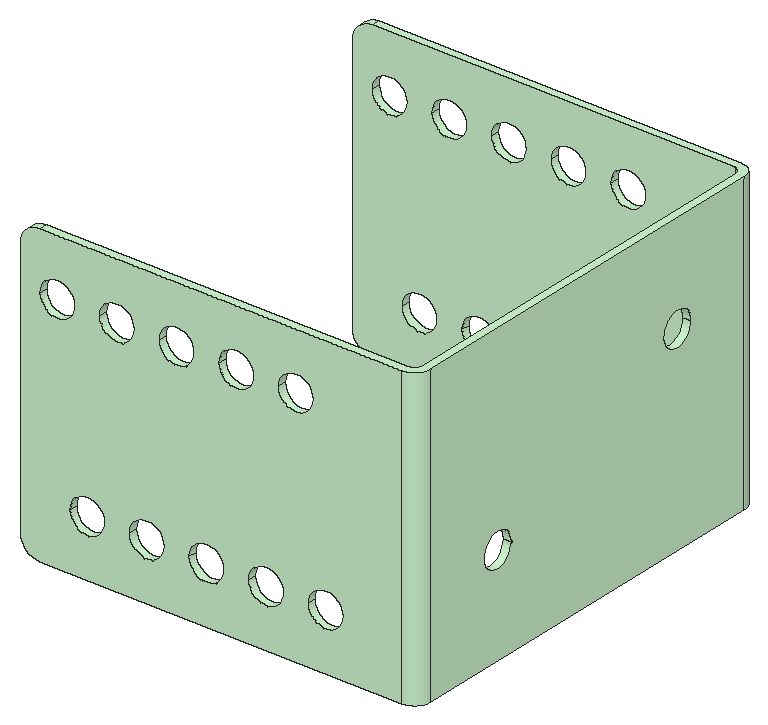
Revit family "sqadjuster", category 機械設備, Revit 2022
Family settings
  丸型コネクタ寸法 = 直径を使用
  種別 = なし
  パーツ タイプ = 標準
  作業面ベース = いいえ
  常に垂直 = はい
  ロード時にボイドで切り取り = いいえ
  注釈の向きを維持 = いいえ
  共有 = いいえ
  部屋計算ポイント = いいえ
Parameters
  製造元 = "株式会社桐井製作所"
  既定の高さ = 0 mm
  URL = "https://www.kirii.co.jp/"
  K_材質 = "溶融亜鉛めっき鋼板"
  K_品名 = "新SQアジャスター"
  K_名称 = "SQ-BAR関連部材"
  K_バージョン情報 = "20210524"
Reference planes
  plane 1 "中心(正面/背面)": y = 0
  plane 2: z = 0
  plane 3 "中心(左/右)": x = 0
Forms (mm)
  Extrusion 1, solid
    sketch origin (0, 0, 0) x (1, 0, 0) y (0, 1, 0)
      loop
        line (-40, 20.5) -> (-1.6, 20.5)
        arc (-1.6, 20.5) -> (-1.034, 20.266) -> (-0.8, 19.7) r 0.8
        line (-0.8, 19.7) -> (-0.8, -19.7)
        arc (-0.8, -19.7) -> (-1.034, -20.266) -> (-1.6, -20.5) r 0.8
        line (-1.6, -20.5) -> (-40, -20.5) -> (-40, -21.3) -> (-1.6, -21.3)
        arc (-1.6, -21.3) -> (-0.469, -20.831) -> (0, -19.7) r 1.6
        line (0, -19.7) -> (0, 19.7)
        arc (0, 19.7) -> (-0.469, 20.831) -> (-1.6, 21.3) r 1.6
        line (-1.6, 21.3) -> (-40, 21.3) -> (-40, 20.5)
    from 0 to 30
  Extrusion 2, void
    sketch origin (0, 0, 0) x (1, 0, 0) y (0, 0, 1)
      loop
        circle (-36.25, 24.25) r 1.75
      loop
        circle (-30.25, 24.25) r 1.75
      loop
        circle (-24.25, 24.25) r 1.75
      loop
        circle (-18.25, 24.25) r 1.75
      loop
        circle (-12.25, 24.25) r 1.75
      loop
        circle (-33.25, 5.75) r 1.75
      loop
        circle (-27.25, 5.75) r 1.75
      loop
        circle (-21.25, 5.75) r 1.75
      loop
        circle (-15.25, 5.75) r 1.75
      loop
        circle (-9.25, 5.75) r 1.75
    from 20.5 to 21.3
  Extrusion 3, void
    sketch origin (0, 41.8, 0) x (1, 0, 0) y (0, 0, 1)
      loop
        circle (-36.25, 24.25) r 1.75
      loop
        circle (-30.25, 24.25) r 1.75
      loop
        circle (-24.25, 24.25) r 1.75
      loop
        circle (-18.25, 24.25) r 1.75
      loop
        circle (-12.25, 24.25) r 1.75
      loop
        circle (-33.25, 5.75) r 1.75
      loop
        circle (-27.25, 5.75) r 1.75
      loop
        circle (-21.25, 5.75) r 1.75
      loop
        circle (-15.25, 5.75) r 1.75
      loop
        circle (-9.25, 5.75) r 1.75
    from 20.5 to 21.3
  Extrusion 4, void
    sketch origin (0, 0, 0) x (1, 0, 0) y (0, 0, 1)
      loop
        line (-38, 30) -> (-40, 30) -> (-40, 28)
        arc (-40, 28) -> (-39.414, 29.414) -> (-38, 30) r 2
      loop
        line (-40, 2) -> (-40, 0) -> (-38, 0)
        arc (-38, 0) -> (-39.414, 0.586) -> (-40, 2) r 2
    from 20.5 to 21.3
  Extrusion 5, void
    sketch origin (0, 41.8, 0) x (1, 0, 0) y (0, 0, 1)
      loop
        line (-38, 30) -> (-40, 30) -> (-40, 28)
        arc (-40, 28) -> (-39.414, 29.414) -> (-38, 30) r 2
      loop
        line (-40, 2) -> (-40, 0) -> (-38, 0)
        arc (-38, 0) -> (-39.414, 0.586) -> (-40, 2) r 2
    from 20.5 to 21.3
  Extrusion 6, void
    sketch origin (0, 0, 0) x (0, 1, 0) y (0, 0, 1)
      loop
        circle (11.3, 20) r 1.75
      loop
        circle (-11.3, 10) r 1.75
    from -0.8 to 0
Cuts and joins
  Extrusion 2, Extrusion 3, Extrusion 4, Extrusion 5, Extrusion 6 cuts Extrusion 1
Dimensions and locks
  aligned and locked: level to plane 2
